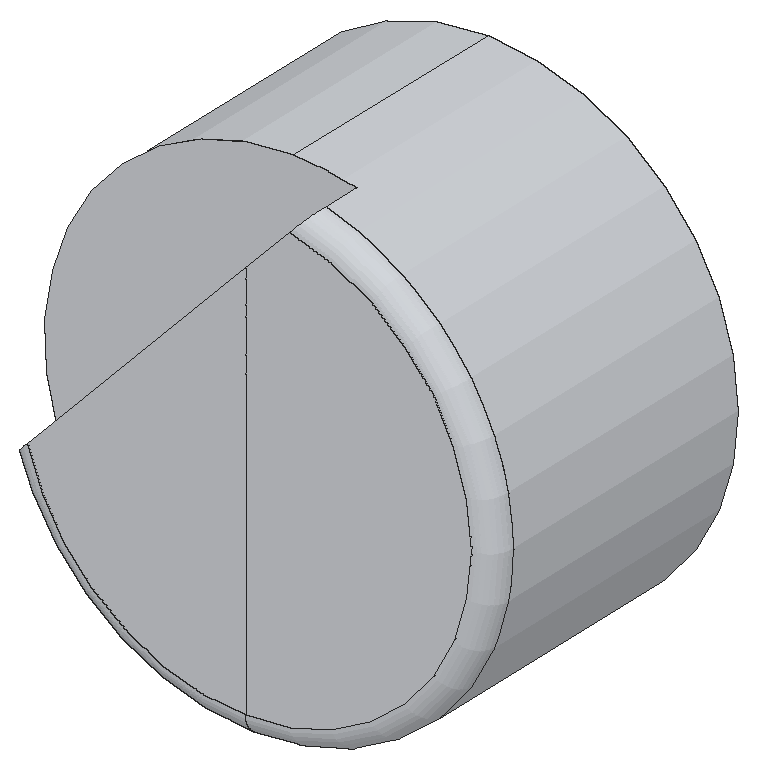
Revit family "PRD_FrankeWS_ShwrFttngsPckg_In-wallPowerSupply_ACEX9003", category Electrical Fixtures, Revit 2018
Family settings
  Maintain Annotation Orientation = No
  Round Connector Dimension = Use Diameter
  Part Type = Normal
  OmniClass Number = 23.80.10.24.17
  OmniClass Title = Uninterrupted Power Supply (UPS) Units
  Work Plane-Based = No
  Always vertical = No
  Cut with Voids When Loaded = No
  Shared = No
  Room Calculation Point = No
Parameters (values of type "ACEX9003")
  WarrantyStartDate [instance] = "1900-12-31T23:59:59"
  WarrantyGuarantorParts = "n/a"
  WarrantyGuarantorLabor = "n/a"
  WarrantyDurationUnit = "year"
  WarrantyDurationParts = "n/a"
  WarrantyDurationLabor = "n/a"
  WarrantyDescription = "n/a"
  Version = "1"
  Uniclass2015Version = "Products v1.23"
  Uniclass2015Title = "Shower fittings package"
  Uniclass2015Code = "Pr_40_20_87_75"
  URL = "www.kwc.com"
  TypeOfBatteries = "n/a"
  TailorMade = "No"
  TagNumber [instance] = "n/a"
  SustainabilityPerformance = "n/a"
  Size = "n/a"
  Shape = "n/a"
  SerialNumber [instance] = "n/a"
  Revision = "n/a"
  ReplacementCost = "n/a"
  RatedVoltage = 240 V
  RatedCurrent = 0 A
  ProtectiveSystemIP = "20"
  ProductInformation = "https://pim.kwc.com/product/2030039825/attachment/datasheet?locale=en"
  ProductCode = "208.0585.316"
  PowerSwitch = "No"
  PowerFactor = 1
  OutputVoltageUom = "DC"
  OutputVoltage = "6.75 Volt"
  NumberOfPoles = 0
  NumberOfBatteries = "n/a"
  NominalWidth = 54.00 mm
  NominalHeight = 54.00 mm
  NominalFrequencyRange = 0 Hz
  NominalDepth = 33.00 mm
  NetWeight = 0.155 kg
  Name = "In-wall power supply ACEX9003"
  NBSTypeID = "n/a"
  NBSReference = "45-35-70/330"
  NBSOfficeMasterTag = "n/a"
  NBSNote = "n/a"
  NBSDescription = "Shower fittings package"
  NBSCertification = "n/a"
  ModelReference = "ACEX9003"
  ModelNumber = "2030039825"
  Model = ModelReference  # "ACEX9003"
  Material = "n/a"
  ManufacturerURL = "www.kwc.com"
  ManufacturerName = "KWC Group AG"  # constant formula
  Manufacturer = ManufacturerName  # "KWC Group AG"
  IntegralAccessories = "n/a"
  InsulationStandardClass = "n/a"
  InstallationDate [instance] = "1900-12-31T23:59:59"
  IfcExportType = "USERDEFINED"
  IfcExportAs = "IfcDistributionElement"
  IP_Code = "20"
  IK_Code = "n/a"
  HasProtectiveEarth = "0"
  GrossWeight = 0.16 kg
  Grade = "n/a"
  Finish = "n/a"
  Features = "connecting cable 1 m"
  ExpectedLife = "n/a"
  DurationUnit = "year"
  Description = "Power supply for installation in the wall with connecting cable 1 m, 100-240 V AC - 6.75 V DC."
  CreatedOn = "05/2022"  # constant formula
  Constituents = "n/a"
  ConductorFunction = "n/a"
  CompatibleA3000 = "No"
  Communication = "No"
  Color = "n/a"
  CodePerformance = "n/a"
  Category = "Pr_40_20_87_75, Shower fittings package"
  BarCode [instance] = "n/a"
  BIMObjectName = "PRD_AR_ShowerFittingsPackage_In-wallPowerSupply_ACEX9003"
  Author = "Archispace"  # constant formula
  AssetType = "Fixed"
  AssetIdentifier [instance] = "n/a"
  AccessibilityPerformance = "n/a"
Reference planes
  plane 1 "Center (Front/Back)": y = 0
  plane 2: z = 0
  plane 3 "Center (Left/Right)": x = 0
Forms (mm)
  Revolve 1, solid, detail levels fine
    sketch origin (0, 0, 0) x (0, 1, 0) y (0, 0, 1)
      loop
        line (-3.596, 0) -> (-3.596, 25.574) -> (0, 25.574) -> (0, 26.689) -> (-30, 26.689)
        arc (-30, 26.689) -> (-31.768, 25.957) -> (-32.5, 24.189) r 2.5
        line (-32.5, 24.189) -> (-32.5, 0) -> (-3.596, 0)
      axis (0, 0) -> (-32.5, 0)
    angle from 0 to 360
  Extrusion 2, void
    sketch origin (0, 0, 0) x (1, 0, 0) y (0, 0, 1)
      loop
        line (-28.694, -12.066) -> (10.035, 29.465)
        arc (10.035, 29.465) -> (-22.765, 21.229) -> (-28.694, -12.066) r 31.127
    from 26 to 35.117
  Revolve 3, solid, detail levels coarse+medium
    sketch origin (0, 0, 0) x (0, 1, 0) y (0, 0, 1)
      loop
        line (0, 0) -> (0, 26.689) -> (-32.5, 26.689) -> (-32.5, 0) -> (0, 0)
      axis (0, 0) -> (-32.5, 0)
    angle from 0 to 360
Cuts and joins
  Extrusion 2 cuts Revolve 1
Dimensions and locks
  aligned and locked: level to plane 2
